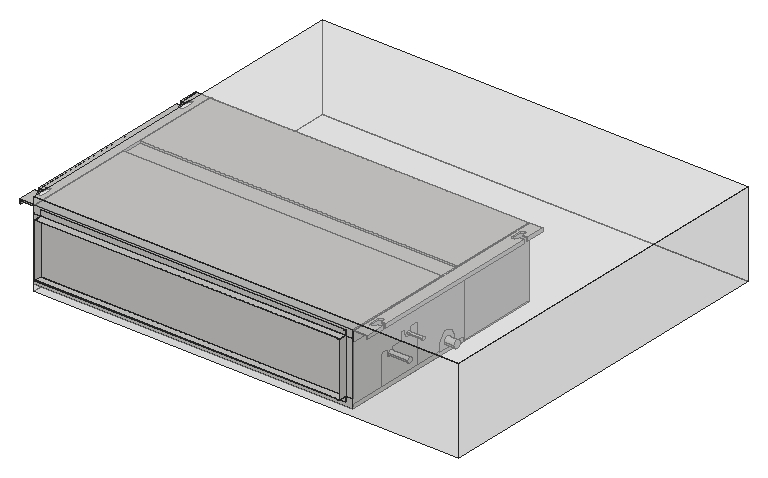
Revit family "outputfile", category 機械設備, Revit 2024
Family settings
  丸型コネクタ寸法 = 半径を使用
  パーツ タイプ = 標準
  OmniClass 番号 = 23.75.10.24.21.27.27
  OmniClass タイトル = Split System Air Conditioning Units
  作業面ベース = いいえ
  常に垂直 = はい
  ロード時にボイドで切り取り = いいえ
  注釈の向きを維持 = いいえ
  共有 = いいえ
  部屋計算ポイント = はい
Parameters (values of type "CDXM50RVMA")
  Description = ""
  書き出し IFC クラス(タイプ) = "IfcUnitaryEquipmentType"
  定義済み IFC タイプ(タイプ) = "AIRCONDITIONINGUNIT"
  Cost = 0
  Type Comments = ""
  Keynote = ""
  Type Image = (empty or 0)
  Assembly Code = ""
  switch_frequency = yes
  ld_powersupply = Depth / 2  # 310.0 mm
  製造元 = "Daikin"
  モデル = "CDXM50RVMA"
  r_Liquid Pipe Size = Liquid Pipe Size / 2  # 3.2 mm
  r_Gas Pipe Size = Gas Pipe Size / 2  # 6.35 mm
  r_Drain Pipe Size = Drain Pipe Size / 2  # 10.0 mm
  lw_powersupply = 50.0 mm  # constant formula
  lw_ductflange2 = 820.0 mm
  lw_Width = 860.0 mm
  lh_suctionflange [instance] = 100.0 mm  # constant formula
  ld_suctionflange [instance] = if(Rear Connection_Return Air, 190.0 mm, 100.0 mm)  # 190.0 mm
  connector_voltage = Voltage_50Hz  # 230 V
  connector_powerinput = if([Power Input (Cooling)] > [Power Input (Heating)], [Power Input (Cooling)], [Power Input (Heating)])  # 0.000 kW
  connector_phase = Phase_50Hz  # 1
  angle_vertical_RA [instance] = if(Rear Connection_Return Air, 90.00°, 0.00°)  # 90.00°
  angle horizontal_RA [instance] = if(Rear Connection_Return Air, 180.00°, 270.00°)  # 180.00°
  Voltage_comment_50Hz = "220 - 240"
  Voltage_50Hz = 230 V
  URL = ""
  Supply Air Direction [instance] = yes
  Sound Power Level_H speed (dB) = 0
  Rear Connection_Return Air [instance] = not(Bottom Connection_Return Air)  # yes
  RA_length [instance] = if(Rear Connection_Return Air, 190.0 mm, 100.0 mm)  # 190.0 mm
  Phase_50Hz = 1
  Minimum External Static Pressure = 0.00 Pa
  Minimum Circuit Amps_50Hz = 0.0 A
  Maximum Fuse Amps_50Hz = 0.0 A
  Maximum External Static Pressure = 40.00 Pa
  Material_Casing = DAIKIN_GalvanizedSteel_Casing_indoorunit
  lw_liquidpipe = 46.0 mm  # constant formula
  lw_gaspipe = 57.0 mm  # constant formula
  lw_mountinghole = 940.0 mm
  lw_drainpipe = 30.0 mm  # constant formula
  lh_powersupply = 150.0 mm  # constant formula
  lh_liquidpipe = 90.0 mm  # constant formula
  lh_gaspipe = 113.0 mm  # constant formula
  lh_mountinghole = Height  # 200.0 mm
  lh_drainpipe = 170.0 mm  # constant formula
  lh_antena = 1.0 mm  # constant formula
  ld_liquidpipe = 193.0 mm  # constant formula
  ld_gaspipe = 130.0 mm  # constant formula
  ld_mountinghole = 500.0 mm  # constant formula
  ld_drainpipe = 330.0 mm  # constant formula
  ld_controlbox = 626.0 mm  # constant formula
  h*** = 0.0 mm  # constant formula
  d_dischargeflange = 21.2 mm  # constant formula
  Width = 900.0 mm
  Version = "ver.1.0"
  Unit Type = "Duct(L.S.P)"
  Unit Mass Weight = 27.00 kg
  Unit Designation [instance] = ""
  Uniclass2015Version = "Products v1.30"
  Uniclass2015Title = "Split coil room air conditioning units"
  Uniclass2015Code = "Pr_70_65_03_86"
  Total Heating Capacity [instance] = 0.000 kW
  Total Cooling Capacity [instance] = 0.000 kW
  Sound Pressure Level_M speed (dBA) = 35
  Sound Pressure Level_L speed (dBA) = 33
  Sound Pressure Level_H speed (dBA) = 37
  Series = "Multi Split_Fan Coil Unit"
  Sensible Cooling Capacity [instance] = 0.000 kW
  SA Duct Size Width = 860.0 mm
  SA Duct Size Height = 153.0 mm
  Refrigerant Type = "R32"
  RA Duct Size Width = 780.0 mm
  RA Duct Size Height = 160.0 mm
  Power Input (Heating) = 0.000 kW
  Power Input (Cooling) = 0.000 kW
  Option Accessory 3 [instance] = ""
  Option Accessory 2 [instance] = ""
  Option Accessory 1 [instance] = ""
  Nominal Heating Capacity = 6.100 kW
  Nominal Cooling Capacity = 5.000 kW
  Minimum Airflow = 600.00 m³/h
  Median Airflow = 660.00 m³/h
  Maximum Airflow = 720.00 m³/h
  Load Classification = HVAC
  Liquid Pipe Size = 6.4 mm
  Link_Nested Family [instance] = ""
  IfcVersion = ""
  IfcExportType = "AIRCONDITIONINGUNIT"
  IfcExportAs = "IfcUnitaryEquipmentType"
  Height = 200.0 mm
  Heating Entering Wet Bulb Temperature [instance] = 0.00 °C
  Heating Entering Dry Bulb Temperature [instance] = 0.00 °C
  Heating Ambient Wet Bulb Temperature [instance] = 0.00 °C
  Heating Ambient Dry Bulb Temperature [instance] = 0.00 °C
  Heat Exchanger Type = "Cross Fin Coil"
  Gas Pipe Size = 12.7 mm
  Frequency_50Hz = 50 Hz
  Fan Type = "Sirocco Fan"
  Fan Drive = "Direct Drive"
  FCU Tag No. [instance] = ""
  Drain Pipe Size = 20.0 mm
  Design Supply Airflow [instance] = 0.00 m³/h
  Design Return Airflow [instance] = 0.00 m³/h
  Design External Static Pressure [instance] = 0.00 Pa
  Depth = 620.0 mm
  既定の高さ = 0.0 mm
  Cooling Entering Wet Bulb Temperature [instance] = 0.00 °C
  Cooling Entering Dry Bulb Temperature [instance] = 0.00 °C
  Cooling Ambient Wet Bulb Temperature [instance] = 0.00 °C
  Cooling Ambient Dry Bulb Temperature [instance] = 0.00 °C
  Clearance visibility [instance] = yes
  Clearance Top = 20.0 mm
  Clearance Right = 300.0 mm
  Clearance Rear = 400.0 mm
  Clearance Left = 0.0 mm
  Clearance Front = 0.0 mm
  Clearance Bottom = 20.0 mm
  Bottom Connection_Return Air [instance] = no
Reference planes
  plane 1 "Center (Front/Back)": y = 0
  plane 2: z = 0
  plane 3 "Center (Left/Right)": x = 0
  plane 4 "Back": y = 310
  plane 5 "Front": y = -310
  plane 6 "Left": x = -450
  plane 7 "Right": x = 450
  plane 8 "Top": z = 0
  plane 9 "Bottom": z = -200
  plane 10: x = -470
  plane 11: x = 470
  plane 12: y = 250
  plane 13: z = 0
  plane 14 "Clearance Left": x = -450
  plane 15 "Clearance Right": x = 750
  plane 16 "Clearance Rear": y = 710
  plane 17 "Clearance Front": y = -310
  plane 18 "Clearance Top": z = 20
  plane 19 "Clearance Bottom": z = -220
  plane 20: y = -250
  plane 21: z = -21
  plane 22: z = -97.5
  plane 23: x = -40
  plane 24: y = 120
  plane 25: z = -100
  plane 26: y = -180
  plane 27: z = -113
  plane 28: y = -117
  plane 29: z = -90
  plane 30: y = 20
  plane 31: z = -170
  plane 32: x = 507
  plane 33: x = 496
  plane 34: x = 480
  plane 35: x = 400
  plane 36: z = -150
Forms (mm)
  Extrusion 1, solid, material "DAIKIN_GalvanizedSteel_Casing_indoorunit" <- "Material_Casing"
    sketch origin (0, 0, 0) x (1, 0, 0) y (0, 1, 0)
      loop
        line (-450, -310) -> (450, -310) -> (450, 310) -> (-450, 310) -> (-450, -310)
    from -200 to 0
  Extrusion 2, void
    sketch origin (0, 0, 1) x (1, 0, 0) y (0, 1, 0)
      loop
        line (-450, 61.5) -> (-450, 3.5) -> (450, 3.5) -> (450, 61.5) -> (-450, 61.5)
    from -1 to -7
  Extrusion 3, solid, material "DAIKIN_GalvanizedSteel_Casing_indoorunit" <- "Material_Casing", visible <- "Bottom Connection_Return Air"
    sketch origin (0, 0, 0) x (1, 0, 0) y (0, 0, 1)
      loop
        line (369, -200) -> (369, -1) -> (-449, -1) -> (-449, -200) -> (369, -200)
    from -310 to -309
  Extrusion 4, solid, material "DAIKIN_GalvanizedSteel_Casing_indoorunit" <- "Material_Casing", visible <- "Rear Connection_Return Air"
    sketch origin (0, 0, 0) x (1, 0, 0) y (0, 1, 0)
      loop
        line (-449, 310) -> (-449, 111) -> (369, 111) -> (369, 310) -> (-449, 310)
    from -200 to -199
  Extrusion 5, solid, material "DAIKIN_GalvanizedSteel_Casing_indoorunit" <- "Material_Casing"
    sketch origin (450, 0, 0) x (0, 1, 0) y (0, 0, 1)
      loop
        circle (-180, -113) r 6.35
    from 0 to 57
  Extrusion 6, solid, material "DAIKIN_GalvanizedSteel_Casing_indoorunit" <- "Material_Casing"
    sketch origin (450, 0, 0) x (0, 1, 0) y (0, 0, 1)
      loop
        circle (-117, -90) r 3.2
    from 0 to 46
  Extrusion 7, solid, material "DAIKIN_GalvanizedSteel_Casing_indoorunit" <- "Material_Casing"
    sketch origin (450, 0, 0) x (0, 1, 0) y (0, 0, 1)
      loop
        circle (20, -170) r 10
    from 0 to 30
  Extrusion 8, solid, material "DAIKIN_GalvanizedSteel_Casing_indoorunit" <- "Material_Casing"
    sketch origin (450, 0, 0) x (0, 1, 0) y (0, 0, 1)
      loop
        line (-310, -200) -> (78.6, -200) -> (78.6, -193)
        arc (78.6, -193) -> (77.721, -190.879) -> (75.6, -190) r 3
        line (75.6, -190) -> (-310, -190) -> (-310, -200)
    from 0 to -1
  Extrusion 9, solid, material "DAIKIN_GalvanizedSteel_Casing_indoorunit" <- "Material_Casing"
    sketch origin (450, 0, 0) x (0, 1, 0) y (0, 0, 1)
      loop
        line (-210, -190) -> (-85.6, -190) -> (-85.6, -83)
        arc (-85.6, -83) -> (-86.479, -80.879) -> (-88.6, -80) r 3
        line (-88.6, -80) -> (-102, -80)
        arc (-102, -80) -> (-104.121, -80.879) -> (-105, -83) r 3
        line (-105, -83) -> (-105, -90)
        arc (-105, -90) -> (-117, -102) -> (-129, -90) r 12
        line (-129, -90) -> (-129, -83)
        arc (-129, -83) -> (-129.879, -80.879) -> (-132, -80) r 3
        line (-132, -80) -> (-136.1, -80)
        arc (-136.1, -80) -> (-138.221, -80.879) -> (-139.1, -83) r 3
        line (-139.1, -83) -> (-139.1, -102.7) -> (-165, -102.7)
        arc (-165, -102.7) -> (-167.121, -103.579) -> (-168, -105.7) r 3
        line (-168, -105.7) -> (-168, -113)
        arc (-168, -113) -> (-180, -125) -> (-192, -113) r 12
        line (-192, -113) -> (-192, -105.7)
        arc (-192, -105.7) -> (-192.879, -103.579) -> (-195, -102.7) r 3
        line (-195, -102.7) -> (-207, -102.7)
        arc (-207, -102.7) -> (-209.121, -103.579) -> (-210, -105.7) r 3
        line (-210, -105.7) -> (-210, -190)
    from 0 to -1
  Extrusion 10, solid, material "DAIKIN_GalvanizedSteel_Casing_indoorunit" <- "Material_Casing"
    sketch origin (450, 0, 0) x (0, 1, 0) y (0, 0, 1)
      loop
        arc (44.5, -170) -> (20, -145.5) -> (-4.5, -170) r 24.5
        line (-4.5, -170) -> (-4.5, -190) -> (44.5, -190) -> (44.5, -170)
    from 0 to -1
  Extrusion 11, solid, material "DAIKIN_GalvanizedSteel_Casing_indoorunit" <- "Material_Casing"
    sketch origin (450, 0, 0) x (0, 1, 0) y (0, 0, 1)
      loop
        arc (86.6, -22) -> (84.479, -22.879) -> (83.6, -25) r 3
        line (83.6, -25) -> (83.6, -194.5)
        arc (83.6, -194.5) -> (84.479, -196.621) -> (86.6, -197.5) r 3
        line (86.6, -197.5) -> (307, -197.5)
        arc (307, -197.5) -> (309.121, -196.621) -> (310, -194.5) r 3
        line (310, -194.5) -> (310, -25)
        arc (310, -25) -> (309.121, -22.879) -> (307, -22) r 3
        line (307, -22) -> (86.6, -22)
    from 0 to -1
Cuts and joins
  Extrusion 2 cuts Extrusion 1
Dimensions and locks
  "Height": plane 8 "Top" to plane 9 "Bottom"
  equal spacing: plane 10, plane 3 "Center (Left/Right)", plane 11
  "lw_mountinghole": plane 10 to plane 11
  equal spacing: plane 6 "Left", plane 3 "Center (Left/Right)", plane 7 "Right"
  "Width": plane 6 "Left" to plane 7 "Right"
  "Clearance Right": plane 7 "Right" to plane 15 "Clearance Right"
  "Clearance Left": plane 14 "Clearance Left" to plane 6 "Left"
  "Clearance Rear": plane 16 "Clearance Rear" to plane 4 "Back"
  "Clearance Front": plane 5 "Front" to plane 17 "Clearance Front"
  "Clearance Top": plane 18 "Clearance Top" to plane 8 "Top"
  "Clearance Bottom": plane 9 "Bottom" to plane 19 "Clearance Bottom"
  "Depth": plane 4 "Back" to plane 5 "Front"
  equal spacing: plane 4 "Back", plane 1 "Center (Front/Back)", plane 5 "Front"
  Extrusion 3 sketch curve to Extrusion 3 sketch curve = 199.0 mm
  locked: plane 20 to plane 5 "Front" at 60
  "ld_mountinghole": plane 12 to plane 20
  locked: plane 8 "Top" to plane 21 at 21
  locked: plane 23 to plane 3 "Center (Left/Right)" at 40
  "ld_suctionflange": plane 4 "Back" to plane 24
  "lh_suctionflange": plane 8 "Top" to plane 25
  "ld_gaspipe": plane 26 to plane 5 "Front"
  "lh_gaspipe": plane 8 "Top" to plane 27
  "ld_liquidpipe": plane 28 to plane 5 "Front"
  "lh_liquidpipe": plane 8 "Top" to plane 29
  "ld_drainpipe": plane 30 to plane 5 "Front"
  "lh_drainpipe": plane 8 "Top" to plane 31
  "lw_gaspipe": plane 7 "Right" to plane 32
  "lw_liquidpipe": plane 7 "Right" to plane 33
  "lw_drainpipe": plane 7 "Right" to plane 34
  "lw_powersupply": plane 35 to plane 7 "Right"
  "lh_powersupply": plane 8 "Top" to plane 36
  "r_Gas Pipe Size": radius of Extrusion 5 sketch curve
  "r_Liquid Pipe Size": radius of Extrusion 6 sketch curve
  "r_Drain Pipe Size": radius of Extrusion 7 sketch curve
  aligned and locked: level to plane 2
  aligned and locked: Extrusion 1 to plane 9 "Bottom"
  aligned and locked: plane 8 "Top" to Extrusion 1
  aligned and locked: plane 11 to nested 2
  aligned and locked: plane 10 to nested 3
  aligned and locked: plane 10 to nested 4
  aligned and locked: plane 8 "Top" to Extrusion 2
  aligned and locked: plane 9 "Bottom" to Extrusion 4  (x2)
  aligned and locked: plane 7 "Right" to cut or joined group of Extrusion 1, Extrusion 2  (x2)
  aligned and locked: plane 3 "Center (Left/Right)" to nested 9
  aligned and locked: plane 6 "Left" to nested 7
  aligned and locked: plane 8 "Top" to nested 9
  aligned and locked: plane 11 to nested 1
  aligned and locked: nested 6 to plane 1 "Center (Front/Back)"
  aligned and locked: plane 3 "Center (Left/Right)" to nested 6
  aligned and locked: level to plane 8 "Top"
  aligned and locked: plane 1 "Center (Front/Back)" to nested 9
  aligned and locked: plane 5 "Front" to nested 10
  aligned and locked: Extrusion 1 sketch curve to plane 5 "Front"
  aligned and locked: plane 21 to nested 10
  aligned and locked: nested 5 to plane 5 "Front"
  aligned and locked: plane 3 "Center (Left/Right)" to nested 5
  aligned and locked: plane 22 to nested 5
  aligned and locked: Extrusion 2 sketch curve to plane 6 "Left"
  aligned and locked: plane 7 "Right" to Extrusion 2 sketch curve
  aligned and locked: nested 11 to plane 23
  aligned and locked: nested 11 to plane 24
  aligned and locked: plane 27 to Extrusion 5 sketch curve
  aligned and locked: plane 26 to Extrusion 5 sketch curve
  aligned and locked: plane 28 to Extrusion 6 sketch curve
  aligned and locked: plane 29 to Extrusion 6 sketch curve
  aligned and locked: plane 31 to Extrusion 7 sketch curve
  aligned and locked: plane 30 to Extrusion 7 sketch curve
  aligned and locked: plane 26 to nested 12
  aligned and locked: nested 12 to plane 27
  aligned and locked: plane 32 to Extrusion 5
  aligned and locked: plane 32 to nested 12
  aligned and locked: plane 33 to Extrusion 6
  aligned and locked: plane 28 to nested 13
  aligned and locked: nested 13 to plane 29
  aligned and locked: plane 33 to nested 13
  aligned and locked: plane 34 to Extrusion 7
  aligned and locked: plane 30 to nested 14
  aligned and locked: nested 14 to plane 31
  aligned and locked: plane 34 to nested 14
  aligned and locked: Extrusion 8 sketch curve to plane 9 "Bottom"
  aligned and locked: Extrusion 8 sketch curve to plane 5 "Front"
  aligned and locked: plane 14 "Clearance Left" to nested 15
  aligned and locked: plane 15 "Clearance Right" to nested 15
  aligned and locked: plane 16 "Clearance Rear" to nested 15
  aligned and locked: nested 15 to plane 17 "Clearance Front"
  aligned and locked: nested 15 to plane 18 "Clearance Top"
  aligned and locked: nested 15 to plane 19 "Clearance Bottom"
  aligned and locked: nested 16 to plane 35
  aligned and locked: nested 16 to plane 36
  aligned and locked: plane 4 "Back" to nested 16
Automatic sketch dimensions
  Extrusion 1 sketch curve to plane 4 "Back" = 0.0 mm
  Extrusion 1 sketch curve to plane 6 "Left" = 0.0 mm
  Extrusion 1 sketch curve to plane 7 "Right" = 0.0 mm
  Extrusion 4 sketch curve to plane 4 "Back" = 0.0 mm
  plane 6 "Left" to Extrusion 3 sketch curve = 1.0 mm
  plane 6 "Left" to Extrusion 4 sketch curve = 1.0 mm
  Extrusion 4 sketch curve to plane 1 "Center (Front/Back)" = 111.0 mm
  Extrusion 3 sketch curve to plane 9 "Bottom" = 0.0 mm
  Extrusion 3 sketch curve to plane 7 "Right" = 81.0 mm
  Extrusion 4 sketch curve to plane 7 "Right" = 81.0 mm
  Extrusion 2 sketch curve to plane 1 "Center (Front/Back)" = 3.5 mm
  Extrusion 2 sketch curve to Extrusion 2 sketch curve = 58.0 mm
  plane 9 "Bottom" to Extrusion 8 sketch curve = 7.0 mm
  Extrusion 8 sketch curve to plane 24 = 44.4 mm
  Extrusion 8 sketch curve to Extrusion 8 sketch curve = 3.0 mm
  Extrusion 9 sketch curve to plane 27 = 0.0 mm
  Extrusion 9 sketch curve to plane 26 = 0.0 mm
  Extrusion 9 sketch curve to plane 29 = 0.0 mm
  Extrusion 9 sketch curve to plane 28 = 0.0 mm
  Extrusion 9 sketch curve to plane 26 = 12.0 mm
  Extrusion 9 sketch curve to plane 25 = 2.7 mm  (x2)
  Extrusion 9 sketch curve to Extrusion 9 sketch curve = 3.0 mm  (x6)
  Extrusion 9 sketch curve to Extrusion 9 sketch curve = 12.0 mm
  plane 9 "Bottom" to Extrusion 9 sketch curve = 10.0 mm
  Extrusion 9 sketch curve to plane 26 = 30.0 mm
  Extrusion 9 sketch curve to plane 28 = 22.1 mm
  Extrusion 9 sketch curve to Extrusion 9 sketch curve = 4.1 mm
  plane 29 to Extrusion 9 sketch curve = 7.0 mm  (x2)
  Extrusion 9 sketch curve to Extrusion 9 sketch curve = 13.4 mm
  Extrusion 10 sketch curve to plane 30 = 0.0 mm
  Extrusion 10 sketch curve to plane 31 = 0.0 mm
  plane 1 "Center (Front/Back)" to Extrusion 10 sketch curve = 4.5 mm
  plane 9 "Bottom" to Extrusion 10 sketch curve = 10.0 mm
  Extrusion 11 sketch curve to plane 4 "Back" = 0.0 mm
  Extrusion 11 sketch curve to Extrusion 11 sketch curve = 3.0 mm  (x3)
  Extrusion 11 sketch curve to plane 21 = 1.0 mm
  Extrusion 11 sketch curve to plane 21 = 4.0 mm
  Extrusion 11 sketch curve to plane 24 = 33.4 mm
  plane 9 "Bottom" to Extrusion 11 sketch curve = 5.5 mm
Nested families
  nested 1: "daikin_mountinghole" at (470, 250, -200), l_antenna <- "lh_antena", Link_Nested Family <- "Link_Nested Family", h_mountinghole <- "lh_mountinghole", type "daikin_mountinghole"
    with show yes, l_antenna 1.0 mm, h_mountinghole 200.0 mm, Link_Nested Family ""
  nested 2: "daikin_mountinghole" at (470, -250, -200), Link_Nested Family <- "Link_Nested Family", l_antenna <- "lh_antena", h_mountinghole <- "lh_mountinghole", type "daikin_mountinghole"
    with show yes, l_antenna 1.0 mm, h_mountinghole 200.0 mm, Link_Nested Family ""
  nested 3: "daikin_mountinghole" at (-470, -250, -200), l_antenna <- "lh_antena", Link_Nested Family <- "Link_Nested Family", h_mountinghole <- "lh_mountinghole", type "daikin_mountinghole"
    with show yes, l_antenna 1.0 mm, h_mountinghole 200.0 mm, Link_Nested Family ""
  nested 4: "daikin_mountinghole" at (-470, 250, -200), l_antenna <- "lh_antena", Link_Nested Family <- "Link_Nested Family", h_mountinghole <- "lh_mountinghole", type "daikin_mountinghole"
    with show yes, l_antenna 1.0 mm, h_mountinghole 200.0 mm, Link_Nested Family ""
  nested 5: "daikin_connector_rotate2" at (0, -310, -97.5), length <- "d_dischargeflange", type "daikin_connector_rotate2"
    with radius 10.0 mm, length 21.2 mm, angle_vertical 90.00°, show_face no
  nested 6: "daikin_△_symbolicline" at (-75, -129.904, 200) x (-0.5, 0.866, 0) z (0, 0, 1), built-in parameter 1001364 <- "Height", visible <- "Supply Air Direction", type "daikin_△_symbolicline"
    with length 300.0 mm
  nested 7: "daikin_ductflange_CDXM-RVMA_1" at (-40, 310, -100), visible <- "Rear Connection_Return Air", material <- "Material_Casing", width <- "lw_ductflange2", type "daikin_ductflange_CDXM-RVMA_1"
    with width 820.0 mm, material DAIKIN_GalvanizedSteel_Casing_indoorunit, height 180.0 mm, depth 21.2 mm
  nested 8: "daikin_ductflange_CDXM-RVMA_1" at (-40, 210, -200) x (1, 0, 0) z (0, 1, 0), visible <- "Bottom Connection_Return Air", material <- "Material_Casing", width <- "lw_ductflange2", type "daikin_ductflange_CDXM-RVMA_1"
    with width 820.0 mm, material DAIKIN_GalvanizedSteel_Casing_indoorunit, height 180.0 mm, depth 21.2 mm
  nested 9: "daikin_hangerfixture_CDXM-RVMA" at (0, 0, 0), type "daikin_hangerfixture_CDXM-RVMA"
    with width 900.0 mm
  nested 10: "daikin_ductflange_CDXM-RVMA" at (0, 3.5, -364.201), width <- "lw_Width", material <- "Material_Casing", type "daikin_ductflange_CDXM-RVMA"
    with width 860.0 mm, material DAIKIN_GalvanizedSteel_Casing_indoorunit, height 155.0 mm, depth 21.2 mm
  nested 11: "daikin_connector_rotate3" at (-40, 120, -100), length <- "RA_length", angle_vertical <- "angle_vertical_RA", angle_horizontal <- "angle horizontal_RA", type "daikin_connector_rotate3"
    with show no, radius 10.0 mm, length 190.0 mm, angle_vertical 90.00°, angle_horizontal 180.00°
  nested 12: "daikin_connector_rotate2" at (450, -180, -113) x (0, 1, 0) z (0, 0, 1), length <- "lw_gaspipe", radius <- "r_Gas Pipe Size", type "daikin_connector_rotate2"
    with radius 6.35 mm, length 57.0 mm, angle_vertical 90.00°, show_face no
  nested 13: "daikin_connector_rotate2" at (450, -117, -90) x (0, 1, 0) z (0, 0, 1), radius <- "r_Liquid Pipe Size", length <- "lw_liquidpipe", type "daikin_connector_rotate2"
    with radius 3.2 mm, length 46.0 mm, angle_vertical 90.00°, show_face no
  nested 14: "daikin_connector_rotate2" at (450, 20, -170) x (0, 1, 0) z (0, 0, 1), radius <- "r_Drain Pipe Size", length <- "lw_drainpipe", type "daikin_connector_rotate2"
    with radius 10.0 mm, length 30.0 mm, angle_vertical 90.00°, show_face no
  nested 15: "daikin_clearancespace" at (150, 200, -99.881), visible <- "Clearance visibility", Link_Nested Family <- "Link_Nested Family", show <- "Clearance visibility", type "daikin_clearancespace"
    with width 1200.0 mm, show yes, height 240.0 mm, depth 1020.0 mm, Link_Nested Family ""
  nested 16: "daikin_connector_rotate2" at (400, 0, -150) x (-1, 0, 0) z (0, 0, 1), length <- "ld_powersupply", type "daikin_connector_rotate2"
    with radius 10.0 mm, length 310.0 mm, angle_vertical 90.00°, show_face no
Connectors
  hvac at (0, -331.2, -97.5), driven by "SA Duct Size Height", driven by "SA Duct Size Width"
    settings: on nested 5, index 1, duct flow 0.00 m³/h, flow factor 0, pres drop 0.00 Pa, loss coef 0, conn angle 0.00°, conn width 860.0 mm, conn height 153.0 mm, conn diameter 609.6 mm, duct sys type 1, conn prof type 1, flow config 0, flow direction 2, loss method 4, conn ref index -1, conn util no, is conn primary yes, conn desc "SA Duct"
  hvac at (-40, 310, -100), driven by "RA Duct Size Height", driven by "RA Duct Size Width"
    settings: on nested 11, index 2, duct flow 0.00 m³/h, flow factor 0, pres drop 0.00 Pa, loss coef 0, conn angle 0.00°, conn width 780.0 mm, conn height 160.0 mm, conn diameter 609.6 mm, duct sys type 2, conn prof type 1, flow config 0, flow direction 1, loss method 4, conn ref index -1, conn util no, is conn primary no, conn desc "RA Duct"
  piping at (507, -180, -113), diameter 12.7, driven by "r_Gas Pipe Size"
    settings: on nested 12, index 3, connector inside diameter 609.6 mm, connector length 0.0 mm, flow factor 0, pipe flow 0.00 m³/h, pressure drop 0.0 Pa, fitting loss kfactor 0, connector angle 0.00°, fixture units 0, engagement length 0.0 mm, angle of deflection 0.00°, flow configuration 1, flow direction 2, fitting loss method 0, system type 29, joint type 0, gender type 0, connector reference index -1, connector utility 0, adjustable connector no, is connector primary yes, connector description "Refrigerant Gas Piping"
  piping at (496, -117, -90), diameter 6.4, driven by "r_Liquid Pipe Size"
    settings: on nested 13, index 4, connector inside diameter 609.6 mm, connector length 0.0 mm, flow factor 0, pipe flow 0.00 m³/h, pressure drop 0.0 Pa, fitting loss kfactor 0, connector angle 0.00°, fixture units 0, engagement length 0.0 mm, angle of deflection 0.00°, flow configuration 1, flow direction 1, fitting loss method 0, system type 29, joint type 0, gender type 0, connector reference index -1, connector utility 0, adjustable connector no, is connector primary no, connector description "Refrigerant Liquid Piping"
  piping at (480, 20, -170), diameter 20, driven by "r_Drain Pipe Size"
    settings: on nested 14, index 5, connector inside diameter 609.6 mm, connector length 0.0 mm, flow factor 0, pipe flow 0.00 m³/h, pressure drop 0.0 Pa, fitting loss kfactor 0, connector angle 0.00°, fixture units 0, engagement length 0.0 mm, angle of deflection 0.00°, flow configuration 1, flow direction 2, fitting loss method 4, system type 16, joint type 0, gender type 0, connector reference index -1, connector utility 0, adjustable connector no, is connector primary no, connector description "Condensate Drain Piping"
  electrical at (400, 310, -150), driven by "Load Classification", driven by "connector_phase", driven by "connector_voltage", driven by "connector_powerinput"
    settings: on nested 16, index 6, voltage 230 V, apparent load 0 VA, apparent load phase1 0 VA, apparent load phase2 0 VA, apparent load phase3 0 VA, power factor 1, load classification "HVAC", number of poles 1, system type 30, power factor state 1, is connector primary yes, connector utility no, sub classification motor no, connector description "Power Supply"
Definition of nested family "daikin_ductflange_CDXM-RVMA_1"
  Parameters (values of type "daikin_ductflange_CDXM-RVMA_1")
    width [instance] = 620.0 mm
    material [instance] = none
    height [instance] = 180.0 mm
    depth [instance] = 21.2 mm
    Default Elevation = 0.0 mm
  Reference planes
    plane 1 "Center (Front/Back)": y = 0
    plane 2: z = 0
    plane 3 "Center (Left/Right)": x = 0
    plane 4: x = -310
    plane 5: x = 310
    plane 6: z = 90
    plane 7: z = -90
    plane 8: z = 100
    plane 9: z = -100
    plane 10: x = -309
    plane 11: x = 309
  Forms (mm)
    Extrusion 1, solid, material <- "material"
      sketch origin (0, 0, 0) x (1, 0, 0) y (0, 0, 1)
        loop
          line (-290, 80) -> (-290, -80) -> (290, -80) -> (290, 80) -> (-290, 80)
        loop
          line (-309, -99) -> (309, -99) -> (309, 99) -> (-309, 99) -> (-309, -99)
      from 0 to 1
  Dimensions and locks
    equal spacing: plane 5, plane 3 "Center (Left/Right)", plane 4, locked at 310 each
    "width": plane 5 to plane 4
    equal spacing: plane 6, level, plane 7, locked at 90 each
    "height": plane 6 to plane 7
    equal spacing: plane 8, level, plane 9, locked at 100 each
    locked: plane 8 to plane 9 at 200
    plane 10 to plane 4 = 1.0 mm
    locked: plane 5 to plane 11 at 1
    locked: Extrusion 1 sketch curve to Extrusion 1 sketch curve at 19  (x4)
    locked: plane 8 to Extrusion 1 sketch curve at 1
    locked: Extrusion 1 sketch curve to plane 9 at 1
    aligned and locked: level to plane 2
  Automatic sketch dimensions
    plane 4 to Extrusion 1 sketch curve = 1.0 mm
    Extrusion 1 sketch curve to plane 5 = 1.0 mm
Definition of nested family "daikin_hangerfixture_CDXM-RVMA"
  Parameters (values of type "daikin_hangerfixture_CDKS-EAVMA")
    width = 700.0 mm
    material = none
    height = 30.0 mm
    depth = 618.0 mm
    Default Elevation = 0.0 mm
  Reference planes
    plane 1 "Center (Front/Back)": y = 0
    plane 2: z = 0
    plane 3 "Center (Left/Right)": x = 0
    plane 4: x = 350
    plane 5: y = 309
    plane 6: y = -309
    plane 7: x = -350
    plane 8: z = -30
  Forms (mm)
    Extrusion 1, solid, material <- "material"
      sketch origin (0, 0, 0) x (1, 0, 0) y (0, 0, 1)
        loop
          line (350, 0) -> (350, -30) -> (352.3, -30) -> (352.3, -2.3) -> (387.7, -2.3) -> (387.7, -10) -> (390, -10) -> (390, 0) -> (350, 0)
      from -309 to 309
    Extrusion 2, void
      sketch origin (0, 0, 0) x (0, 1, 0) y (0, 0, 1)
        loop
          line (309, -30) -> (309, -17.979) -> (87.935, -17.979) -> (75.914, -30) -> (309, -30)
      from 0 to 450
    Extrusion 3, void
      sketch origin (0, 0, 0) x (1, 0, 0) y (0, 1, 0)
        loop
          line (390, -243.5) -> (377, -243.5) -> (377, -237)
          arc (377, -237) -> (370, -230) -> (363, -237) r 7
          line (363, -237) -> (363, -263)
          arc (363, -263) -> (370, -270) -> (377, -263) r 7
          line (377, -263) -> (377, -256.5) -> (390, -256.5) -> (390, -243.5)
        loop
          line (390, 243.5) -> (390, 256.5) -> (377, 256.5) -> (377, 263)
          arc (377, 263) -> (370, 270) -> (363, 263) r 7
          line (363, 263) -> (363, 237)
          arc (363, 237) -> (370, 230) -> (377, 237) r 7
          line (377, 237) -> (377, 243.5) -> (390, 243.5)
      from -254.96 to 618
    Extrusion 4, solid, material <- "material"
      sketch origin (0, 0, 0) x (-1, 0, 0) y (0, 0, -1)
        loop
          line (350, 0) -> (390, 0) -> (390, 10) -> (387.7, 10) -> (387.7, 2.3) -> (352.3, 2.3) -> (352.3, 30) -> (350, 30) -> (350, 0)
      from -309 to 309
    Extrusion 5, void
      sketch origin (0, 0, 0) x (-1, 0, 0) y (0, -1, 0)
        loop
          line (390, 243.5) -> (390, 256.5) -> (377, 256.5) -> (377, 263)
          arc (377, 263) -> (370, 270) -> (363, 263) r 7
          line (363, 263) -> (363, 237)
          arc (363, 237) -> (370, 230) -> (377, 237) r 7
          line (377, 237) -> (377, 243.5) -> (390, 243.5)
        loop
          line (390, -243.5) -> (377, -243.5) -> (377, -237)
          arc (377, -237) -> (370, -230) -> (363, -237) r 7
          line (363, -237) -> (363, -263)
          arc (363, -263) -> (370, -270) -> (377, -263) r 7
          line (377, -263) -> (377, -256.5) -> (390, -256.5) -> (390, -243.5)
      from -254.96 to 618
  Cuts and joins
    Extrusion 2, Extrusion 3, Extrusion 5 cuts Extrusion 1
    Extrusion 5 cuts Extrusion 4
  Dimensions and locks
    equal spacing: plane 5, plane 1 "Center (Front/Back)", plane 6
    "depth": plane 5 to plane 6
    plane 6 to plane 1 "Center (Front/Back)" to plane 5 = 309.0 mm, 309.0 mm
    equal spacing: plane 4, plane 3 "Center (Left/Right)", plane 7
    "width": plane 4 to plane 7
    "height": level to plane 8
    aligned and locked: level to plane 2
    aligned and locked: plane 5 to Extrusion 1
    aligned and locked: Extrusion 1 to plane 6
    aligned and locked: Extrusion 1 to plane 4
    aligned and locked: plane 5 to cut or joined group of Extrusion 1, Extrusion 2, Extrusion 3, Extrusion 5
    aligned and locked: cut or joined group of Extrusion 1, Extrusion 2, Extrusion 3, Extrusion 5 to plane 6
    aligned and locked: level to cut or joined group of Extrusion 1, Extrusion 2, Extrusion 3, Extrusion 5
    aligned and locked: cut or joined group of Extrusion 1, Extrusion 2, Extrusion 3, Extrusion 5 to plane 8
    aligned and locked: plane 5 to cut or joined group of Extrusion 4, Extrusion 5
    aligned and locked: cut or joined group of Extrusion 4, Extrusion 5 to plane 6
  Automatic sketch dimensions
    Extrusion 1 sketch curve to plane 4 = 0.0 mm
    Extrusion 1 sketch curve to plane 8 = 0.0 mm
    Extrusion 1 sketch curve to level = 0.0 mm
    plane 4 to Extrusion 1 sketch curve = 2.3 mm
    Extrusion 1 sketch curve to level = 2.3 mm
    Extrusion 1 sketch curve to Extrusion 1 sketch curve = 35.4 mm
    Extrusion 1 sketch curve to Extrusion 1 sketch curve = 2.3 mm
    Extrusion 1 sketch curve to Extrusion 1 sketch curve = 7.7 mm
    Extrusion 2 sketch curve to plane 8 = 0.0 mm
    Extrusion 2 sketch curve to plane 5 = 0.0 mm
    plane 8 to Extrusion 2 sketch curve = 12.021 mm
    Extrusion 2 sketch curve to plane 1 "Center (Front/Back)" = 87.935 mm
    Extrusion 2 sketch curve to Extrusion 2 sketch curve = 12.021 mm
    plane 4 to Extrusion 3 sketch curve = 13.0 mm  (x2)
    Extrusion 3 sketch curve to Extrusion 3 sketch curve = 7.0 mm  (x4)
    Extrusion 3 sketch curve to Extrusion 3 sketch curve = 13.0 mm  (x4)
    plane 6 to Extrusion 3 sketch curve = 46.0 mm
    Extrusion 3 sketch curve to Extrusion 3 sketch curve = 6.5 mm  (x4)
    Extrusion 3 sketch curve to plane 5 = 72.0 mm
    Extrusion 4 sketch curve to plane 7 = 0.0 mm
    Extrusion 4 sketch curve to plane 8 = 0.0 mm
    Extrusion 4 sketch curve to level = 0.0 mm
    Extrusion 4 sketch curve to plane 7 = 2.3 mm
    Extrusion 4 sketch curve to level = 2.3 mm
    Extrusion 4 sketch curve to Extrusion 4 sketch curve = 35.4 mm
    Extrusion 4 sketch curve to Extrusion 4 sketch curve = 2.3 mm
    Extrusion 4 sketch curve to Extrusion 4 sketch curve = 7.7 mm
    Extrusion 5 sketch curve to plane 7 = 13.0 mm  (x2)
    Extrusion 5 sketch curve to Extrusion 5 sketch curve = 7.0 mm  (x4)
    Extrusion 5 sketch curve to Extrusion 5 sketch curve = 13.0 mm  (x4)
    Extrusion 5 sketch curve to plane 5 = 46.0 mm
    Extrusion 5 sketch curve to Extrusion 5 sketch curve = 6.5 mm  (x4)
    plane 6 to Extrusion 5 sketch curve = 72.0 mm
Definition of nested family "daikin_ductflange_CDXM-RVMA"
  Parameters (values of type "daikin_ductflange_FXDQ-NDVET")
    width [instance] = 660.0 mm
    material [instance] = none
    height [instance] = 155.0 mm
    depth [instance] = 21.2 mm
    Default Elevation = 0.0 mm
  Reference planes
    plane 1 "Center (Front/Back)": y = 0
    plane 2: z = 189.201
    plane 3 "Center (Left/Right)": x = 0
    plane 4: y = -313.5
    plane 5: x = -330
    plane 6: x = 330
    plane 7: y = -334.7
    plane 8: z = 344.201
    plane 9: z = 266.701
    plane 10: z = 343.201
    plane 11: z = 190.201
  Forms (mm)
    Extrusion 1, solid, material <- "material"
      sketch origin (0, 0, 189.201) x (1, 0, 0) y (0, 1, 0)
        loop
          line (-330, -334.7) -> (-330, -313.5) -> (-350, -313.5) -> (-350, -314.5) -> (-331, -314.5) -> (-331, -334.7) -> (-330, -334.7)
        loop
          line (330, -334.7) -> (331, -334.7) -> (331, -314.5) -> (350, -314.5) -> (350, -313.5) -> (330, -313.5) -> (330, -334.7)
      from 1 to 154
    Extrusion 2, solid, material <- "material"
      sketch origin (0, 0, 0) x (0, 1, 0) y (0, 0, 1)
        loop
          line (-313.5, 343.201) -> (-313.5, 358.201) -> (-314.5, 358.201) -> (-314.5, 344.201) -> (-334.7, 344.201) -> (-334.7, 343.201) -> (-313.5, 343.201)
        loop
          line (-313.5, 190.201) -> (-334.7, 190.201) -> (-334.7, 189.201) -> (-314.5, 189.201) -> (-314.5, 175.201) -> (-313.5, 175.201) -> (-313.5, 190.201)
      from -330 to 330
  Dimensions and locks
    plane 4 to plane 1 "Center (Front/Back)" = 313.5 mm
    "depth": plane 7 to plane 4
    equal spacing: plane 8, plane 9, level
    "height": plane 8 to level
    equal spacing: plane 6, plane 3 "Center (Left/Right)", plane 5
    "width": plane 6 to plane 5
    locked: plane 8 to plane 10 at 1
    locked: plane 11 to level at 1
    locked: Extrusion 1 to Extrusion 2 sketch curve at 1
    locked: Extrusion 2 sketch curve to Extrusion 1 at 1
    plane 10 to plane 11 = 153.0 mm
    aligned and locked: level to plane 2
    aligned and locked: Extrusion 2 to plane 5
    aligned and locked: Extrusion 2 to plane 11
    aligned and locked: Extrusion 2 to plane 10
    aligned and locked: plane 6 to Extrusion 2
    aligned and locked: plane 5 to Extrusion 2  (x2)
    aligned and locked: plane 5 to Extrusion 1  (x2)
    aligned and locked: Extrusion 1 to plane 6
    aligned and locked: plane 6 to Extrusion 1
    aligned and locked: Extrusion 1 to plane 10
  Automatic sketch dimensions
    Extrusion 2 sketch curve to plane 7 = 0.0 mm  (x2)
    Extrusion 2 sketch curve to plane 4 = 0.0 mm  (x2)
    Extrusion 2 sketch curve to plane 11 = 0.0 mm
    Extrusion 2 sketch curve to plane 10 = 0.0 mm
    Extrusion 2 sketch curve to plane 4 = 1.0 mm  (x2)
    Extrusion 2 sketch curve to level = 14.0 mm
    plane 8 to Extrusion 2 sketch curve = 14.0 mm
    Extrusion 1 sketch curve to plane 4 = 0.0 mm  (x2)
    Extrusion 1 sketch curve to plane 7 = 0.0 mm  (x2)
    Extrusion 1 sketch curve to plane 5 = 0.0 mm
    Extrusion 1 sketch curve to plane 6 = 0.0 mm
    Extrusion 1 sketch curve to plane 5 = 1.0 mm
    Extrusion 1 sketch curve to Extrusion 1 sketch curve = 19.0 mm  (x2)
    Extrusion 1 sketch curve to Extrusion 1 sketch curve = 1.0 mm
    Extrusion 1 sketch curve to plane 4 = 1.0 mm  (x2)
Definition of nested family "daikin_clearancespace"
  Parameters (values of type "daikin_clearancespace")
    Description = "daikin_clearancespace"
    width [instance] = 1823.963 mm
    show [instance] = yes
    material = none
    height [instance] = 1359.762 mm
    depth [instance] = 880.0 mm
    Default Elevation = 0.0 mm
    Link_Nested Family [instance] = ""
  Reference planes
    plane 1 "Center (Front/Back)": y = 0
    plane 2 "Center (Elevation)": z = -0.119
    plane 3 "Center (Left/Right)": x = 0
    plane 4: y = 440
    plane 5: y = -440
    plane 6 "Right": x = 911.982
    plane 7 "Left": x = -911.982
    plane 8 "Top": z = 679.762
    plane 9 "Bottom": z = -680
  Forms (mm)
    Extrusion 1, solid, material <- "material", visible <- "show"
      sketch origin (0, 0, 0) x (1, 0, 0) y (0, 1, 0)
        loop
          line (-911.982, 440) -> (-911.982, -440) -> (911.982, -440) -> (911.982, 440) -> (-911.982, 440)
      from -680 to 679.762
  Lines and regions (mm)
    symbolic lines, visible <- "show"
      curve 1: line (911.982, 440, 0) -> (-911.982, 440, 0)
      curve 2: line (-911.982, 440, 0) -> (-911.982, -440, 0)
      curve 3: line (-911.982, -440, 0) -> (911.982, -440, 0)
      curve 4: line (911.982, -440, 0) -> (911.982, 440, 0)
      curve 5: line (911.982, 0, 679.762) -> (-911.982, 0, 679.762)
      curve 6: line (911.982, 0, -680) -> (911.982, 0, 679.762)
      curve 7: line (-911.982, 0, -680) -> (911.982, 0, -680)
      curve 8: line (-911.982, 0, 679.762) -> (-911.982, 0, -680)
      curve 9: line (0, 440, 679.762) -> (0, -440, 679.762)
      curve 10: line (0, -440, 679.762) -> (0, -440, -680)
      curve 11: line (0, 440, -680) -> (0, 440, 679.762)
      curve 12: line (0, -440, -680) -> (0, 440, -680)
  Dimensions and locks
    "width": plane 7 "Left" to plane 6 "Right"
    "depth": plane 4 to plane 5
    "height": plane 8 "Top" to plane 9 "Bottom"
    equal spacing: plane 7 "Left", plane 3 "Center (Left/Right)", plane 6 "Right"
    equal spacing: plane 4, plane 1 "Center (Front/Back)", plane 5
    equal spacing: plane 8 "Top", plane 2 "Center (Elevation)", plane 9 "Bottom"
    aligned and locked: level to plane 2 "Center (Elevation)"
    aligned and locked: Extrusion 1 sketch curve to plane 4
    aligned and locked: plane 7 "Left" to Extrusion 1 sketch curve
    aligned and locked: Extrusion 1 sketch curve to plane 5
    aligned and locked: Extrusion 1 sketch curve to plane 6 "Right"
    aligned and locked: plane 8 "Top" to Extrusion 1
    aligned and locked: curve 1 to Extrusion 1
    aligned and locked: curve 2 to Extrusion 1
    aligned and locked: curve 3 to Extrusion 1
    aligned and locked: curve 4 to Extrusion 1
    aligned and locked: curve 5 to Extrusion 1
    aligned and locked: curve 6 to Extrusion 1
    aligned and locked: curve 7 to Extrusion 1
    aligned and locked: curve 8 to Extrusion 1
    aligned and locked: curve 9 to Extrusion 1
    aligned and locked: curve 10 to Extrusion 1
    aligned and locked: curve 11 to Extrusion 1
    aligned and locked: curve 12 to Extrusion 1
    aligned and locked: Extrusion 1 to plane 9 "Bottom"
Definition of nested family "daikin_mountinghole"
  Parameters (values of type "daikin_mountinghole")
    Default Elevation = 1219.2 mm
    Type Comments = "mountinghole"
    show [instance] = yes
    material = none
    l_centerline = 100.0 mm
    l_antenna [instance] = 100.0 mm
    h_mountinghole [instance] = 0.0 mm
    d_circle = 30.0 mm
    Link_Nested Family [instance] = ""
  Reference planes
    plane 1 "Center (Front/Back)": y = 0
    plane 2: z = 0
    plane 3 "Center (Left/Right)": x = 0
    plane 4: y = 50
    plane 5: x = -50
    plane 6: x = 50
    plane 7: y = -50
    plane 8 "h_mountinghole": z = 0
    plane 9: z = 100
  Lines and regions (mm)
    model lines, detail levels fine
      curve 1: circle (0, 0, 0) r 15 normal (0, 0, 1)
      curve 2: line (-50, 0, 0) -> (50, 0, 0)
      curve 3: line (0, 50, 0) -> (0, -50, 0)
    symbolic lines, detail levels fine
      curve 4: circle (0, 0, 0) r 15 normal (0, 0, 1)
      curve 5: line (-50, 0, 0) -> (50, 0, 0)
      curve 6: line (0, 50, 0) -> (0, -50, 0)
    model lines
      curve 7: line (0, 0, 100) -> (0, 0, 0)
  Dimensions and locks
    equal spacing: plane 4, plane 1 "Center (Front/Back)", plane 7
    "l_centerline": plane 4 to plane 7
    equal spacing: plane 5, plane 3 "Center (Left/Right)", plane 6
    "l_centerline": plane 5 to plane 6
    "l_antenna": plane 9 to plane 8 "h_mountinghole"
    "h_mountinghole": plane 8 "h_mountinghole" to plane 2
    "d_circle": diameter of curve 1
    "d_circle": diameter of curve 4
    aligned and locked: level to plane 2
    aligned and locked: plane 1 "Center (Front/Back)" to curve 1
    aligned and locked: plane 3 "Center (Left/Right)" to curve 1
    aligned and locked: plane 1 "Center (Front/Back)" to curve 2
    aligned and locked: curve 3 to plane 3 "Center (Left/Right)"
    aligned and locked: plane 6 to curve 2
    aligned and locked: plane 5 to curve 2
    aligned and locked: plane 4 to curve 3
    aligned and locked: plane 7 to curve 3
    aligned and locked: plane 1 "Center (Front/Back)" to curve 4
    aligned and locked: plane 3 "Center (Left/Right)" to curve 4
    aligned and locked: plane 6 to curve 5
    aligned and locked: plane 5 to curve 5
    aligned and locked: plane 1 "Center (Front/Back)" to curve 5
    aligned and locked: plane 4 to curve 6
    aligned and locked: plane 7 to curve 6
    aligned and locked: curve 6 to plane 3 "Center (Left/Right)"
    aligned and locked: curve 7 to plane 3 "Center (Left/Right)"
    aligned and locked: plane 9 to curve 7
    aligned and locked: plane 8 "h_mountinghole" to curve 7
Definition of nested family "daikin_connector_rotate2"
  Parameters (values of type "daikin_connector_rotate2")
    show_face = yes
    radius [instance] = 10.0 mm
    length [instance] = 600.0 mm
    d_surface = 10.0 mm
    angle_vertical [instance] = 90.00°
    Default Elevation = 0.0 mm
  Reference planes
    plane 1 "Center (Front/Back)": y = 0
    plane 2: z = 0
    plane 3 "Center (Left/Right)": x = 0
  Forms (mm)
    Extrusion 1, solid, visible <- "show_face"
      sketch origin (0, -600, 0) x (1, 0, 0) y (0, 0, 1)
        loop
          circle (0, 0) r 10
      from 0 to -10
  Lines and regions (mm)
    reference lines
      curve 1: line (0, 0, 0) -> (0, -600, 0)
    symbolic lines
      curve 2: circle (0, 0, 0) r 5 normal (0, 0, 1)
    model lines, visible <- "show_face"
      curve 3: line (0, 0, 0) -> (0, -600, 0)
  Dimensions and locks
    "length": curve 1 to curve 1
    "length": curve 3 to curve 3
    "d_surface": Extrusion 1 to Extrusion 1
    "radius": radius of Extrusion 1 sketch curve
    "angle_vertical": angle curve 1 to plane 1 "Center (Front/Back)"
    "angle_vertical": angle curve 3 to plane 1 "Center (Front/Back)"
    aligned and locked: level to plane 2
    aligned and locked: plane 1 "Center (Front/Back)" to curve 1
    aligned and locked: plane 2 to curve 1
    aligned and locked: plane 1 "Center (Front/Back)" to curve 2
    aligned and locked: plane 3 "Center (Left/Right)" to curve 2
    aligned and locked: plane 1 "Center (Front/Back)" to curve 3
    aligned and locked: plane 2 to curve 3
    aligned and locked: Extrusion 1 to Extrusion 1
  Automatic sketch dimensions
    Extrusion 1 sketch curve to level = 0.0 mm
    Extrusion 1 sketch curve to plane 3 "Center (Left/Right)" = 0.0 mm
    radius of curve 2 = 5.0 mm
Definition of nested family "daikin_△_symbolicline"
  Parameters (values of type "daikin_△_symbolicline")
    length [instance] = 500.0 mm
    Default Elevation = 0.0 mm
  Reference planes
    plane 1 "Center (Front/Back)": y = 0
    plane 2: z = 0
    plane 3 "Center (Left/Right)": x = 0
  Lines and regions (mm)
    symbolic lines
      curve 1: line (0, -433.013, 0) -> (250, 0, 0)
      curve 2: line (250, 0, 0) -> (-250, 0, 0)
      curve 3: line (-250, 0, 0) -> (0, -433.013, 0)
  Dimensions and locks
    equal spacing: curve 3, plane 3 "Center (Left/Right)", curve 2
    "length": curve 3 to curve 2
    "length": curve 3 to curve 3
    "length": curve 1 to curve 1
    aligned and locked: level to plane 2
    aligned and locked: curve 2 to plane 1 "Center (Front/Back)"
    aligned and locked: plane 3 "Center (Left/Right)" to curve 3
Definition of nested family "daikin_connector_rotate3"
  Parameters (values of type "daikin_connector_rotate3")
    Default Elevation = 1219.2 mm
    show [instance] = yes
    radius [instance] = 10.0 mm
    length [instance] = 600.0 mm
    angle_horizontal [instance] = 60.00°
    angle_vertical [instance] = 90.00°
  Reference planes
    plane 1 "Center (Front/Back)": y = 0
    plane 2: z = 0
    plane 3 "Center (Left/Right)": x = 0
  Dimensions and locks
    "angle_horizontal": angle plane 3 "Center (Left/Right)" to nested 1
    aligned and locked: level to plane 2
    aligned and locked: plane 1 "Center (Front/Back)" to nested 1  (x2)
    aligned and locked: plane 3 "Center (Left/Right)" to nested 1
  Nested families
    nested 1: "daikin_connector_rotate2" at (0, 0, 0) x (0.5, 0.866, 0) z (0, 0, 1), angle_vertical <- "angle_vertical", length <- "length", radius <- "radius", type "daikin_connector_rotate2"
      with radius 10.0 mm, length 600.0 mm, angle_vertical 90.00°
  Definition of nested family "daikin_connector_rotate2"
    Parameters (values of type "daikin_connector_rotate2")
      show_face = yes
      radius [instance] = 10.0 mm
      length [instance] = 600.0 mm
      d_surface = 10.0 mm
      angle_vertical [instance] = 90.00°
      Default Elevation = 0.0 mm
    Reference planes
      plane 1 "Center (Front/Back)": y = 0
      plane 2: z = 0
      plane 3 "Center (Left/Right)": x = 0
    Forms (mm)
      Extrusion 1, solid, visible <- "show_face"
        sketch origin (0, -600, 0) x (1, 0, 0) y (0, 0, 1)
          loop
            circle (0, 0) r 10
        from 0 to -10
    Lines and regions (mm)
      reference lines
        curve 1: line (0, 0, 0) -> (0, -600, 0)
      symbolic lines
        curve 2: circle (0, 0, 0) r 5 normal (0, 0, 1)
      model lines, visible <- "show_face"
        curve 3: line (0, 0, 0) -> (0, -600, 0)
    Dimensions and locks
      "length": curve 1 to curve 1
      "length": curve 3 to curve 3
      "d_surface": Extrusion 1 to Extrusion 1
      "radius": radius of Extrusion 1 sketch curve
      "angle_vertical": angle curve 1 to plane 1 "Center (Front/Back)"
      "angle_vertical": angle curve 3 to plane 1 "Center (Front/Back)"
      aligned and locked: level to plane 2
      aligned and locked: plane 1 "Center (Front/Back)" to curve 1
      aligned and locked: plane 2 to curve 1
      aligned and locked: plane 1 "Center (Front/Back)" to curve 2
      aligned and locked: plane 3 "Center (Left/Right)" to curve 2
      aligned and locked: plane 1 "Center (Front/Back)" to curve 3
      aligned and locked: plane 2 to curve 3
      aligned and locked: Extrusion 1 to Extrusion 1
    Automatic sketch dimensions
      Extrusion 1 sketch curve to level = 0.0 mm
      Extrusion 1 sketch curve to plane 3 "Center (Left/Right)" = 0.0 mm
      radius of curve 2 = 5.0 mm
